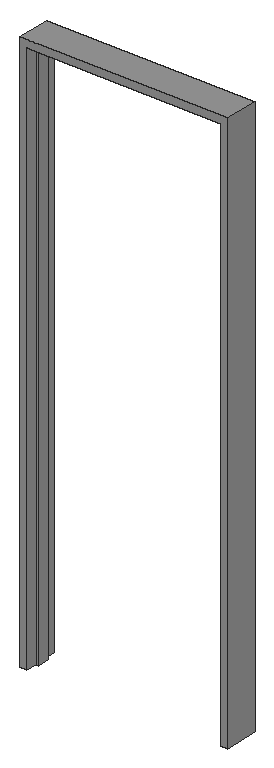
Revit family "J140DR813 2320 (873x2370mm)", category Doors, host Wall, Revit 2013
Parameters (values of type "J140DR813 2320 (873x2370mm)")
  Function = Interior
  Frame Projection Ext. = 25 mm
  Frame Projection Int. = 25 mm
  Frame Width = 75 mm
  Height = 2370 mm
  Wall Closure = By host
  Width = 873 mm
Reference planes
  plane 1: y = 0
  plane 2 "Center (Left/Right)": x = 0
  plane 3 "Left": x = -436.5
  plane 4 "Right": x = 436.5
  plane 5: z = 2370
  plane 6 "Exterior": y = 75
  plane 7 "Interior": y = -75
Forms (mm)
  Sweep 1, solid, material "Lauan, Meranti"
    path origin (0, 75, 0) x (1, 0, 0) y (0, 0, 1)
      loop
        line (436.5, 0) -> (436.5, 2370) -> (-436.5, 2370) -> (-436.5, 0)
    profile "Van Acht 140x42 Jambliner Profile : Van Acht 140x42 Jambliner Profile" origin (436.5, 75, 1185) x (-1, 0, 0) y (0, -1, 0)
      loop
        line (0, 5) -> (30, 5) -> (30, 50) -> (42, 50) -> (42, 100) -> (30, 100) -> (30, 145) -> (0, 145) -> (0, 5)
Lines and regions (mm)
  Opening 1
    outline origin (-3050, -75, 0) x (1, 0, 0) y (0, 0, 1)
      loop
        line (2613.5, 0) -> (3486.5, 0) -> (3486.5, 2370) -> (2613.5, 2370) -> (2613.5, 0)
  symbolic lines, style "Elevation Swing"
    curve 1: line (436.5, -75, 1185) -> (-436.5, -75, 2370)
    curve 2: line (436.5, -75, 1185) -> (-436.5, -75, 0)
  model lines
    curve 3: line (-406.5, 70, 0) -> (-406.5, 883, 0)
    curve 4: arc (-406.5, 883, 0) -> (168.378, 644.878, 0) -> (406.5, 70, 0) r 813
Text (mm)
  text "Exterior" at (-2295.016, 1099.543, 0), in view "Ref. Level"
  text "Exterior" at (0, 1615.38, 3698.081), in view "Left"
  text "Exterior" at (0, 1036.032, 3874.932), in view "Right"
Dimensions and locks
  equal spacing: plane 3 "Left", plane 2 "Center (Left/Right)", plane 4 "Right"
  "Width": plane 3 "Left" to plane 4 "Right"
  "Height": plane 5 to host wall
  equal spacing: host wall, curve 2, plane 5
  host wall to plane 5 = 2370 mm
  locked: plane 6 "Exterior" to host wall at 0
  locked: plane 7 "Interior" to host wall
  plane 3 "Left" to plane 4 "Right" = 873 mm
  aligned and locked: plane 3 "Left" to Opening 1 sketch curve
  aligned and locked: plane 5 to Opening 1 sketch curve  (x2)
  aligned and locked: Opening 1 sketch curve to plane 4 "Right"
  aligned and locked: Opening 1 sketch curve to level
  aligned and locked: plane 5 to curve 1
  aligned and locked: plane 3 "Left" to curve 2
  aligned and locked: plane 1 to host wall
  aligned and locked: plane 3 "Left" to curve 1
Automatic sketch dimensions
  plane 4 "Right" to Sweep 1 sketch curve = 0 mm
  Sweep 1 sketch curve to plane 5 = 0 mm
  plane 3 "Left" to Sweep 1 sketch curve = 0 mm
  Sweep 1 sketch curve to level = 0 mm  (x2)
  curve 2 to level = 0 mm
  plane 4 "Right" to curve 2 = 0 mm
  curve 3 to plane 3 "Left" = 30 mm
  curve 4 to host wall = 5 mm
  plane 4 "Right" to curve 4 = 30 mm
  curve 3 to curve 4 = 0 mm
